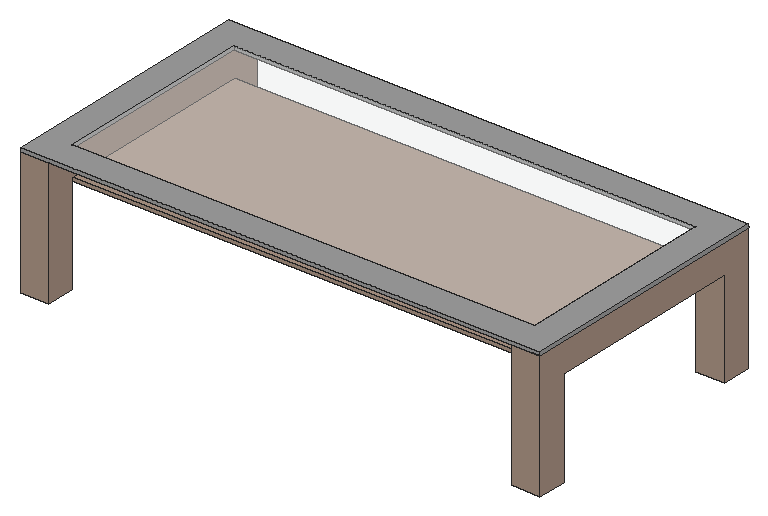
Revit family "Table-Coffee", category Furniture, Revit 2015
Parameters (values of type "36" x 72" x 18"")
  Top Material = Steel, Chrome Plated
  Frame Material = Wood - Teak
  Assembly Code = "E2020200"
  Height = 1' - 6"
  Length = 6' - 0"
  Width = 3' - 0"
Types (4): name | Top Material | Frame Material | Height | Length | Width
  (no name) | Steel, Chrome Plated | Wood - Teak | 1' - 6" | 6' - 0" | 3' - 0"
  24" x 24" x 24" | none | none | 2' - 0" | 2' - 0" | 2' - 0"
  31" x 28" x 24" | none | none | 2' - 4" | 2' - 0" | 2' - 7"
  36" x 72" x 18" | Steel, Chrome Plated | Wood - Teak | 1' - 6" | 6' - 0" | 3' - 0"
Reference planes (in)
  plane 1 "Center (Front/Back)": y = 3.74847
  plane 2: z = 0
  plane 3 "Center (Left/Right)": x = 0.71912
  plane 4 "Front": y = -14.25153
  plane 5 "Left": x = -35.28088
  plane 6 "Right": x = 36.71912
  plane 7 "Back": y = 21.74847
  plane 8 "Top": z = 18
Forms (in)
  Extrusion 1, solid, material "Steel, Chrome Plated" <- "Top Material"
    sketch origin (0, 0, 18) x (-1, 0, 0) y (0, -1, 0)
      loop
        line (35.28088, -21.74847) -> (35.28088, 14.25153) -> (-36.71912, 14.25153) -> (-36.71912, -21.74847) -> (35.28088, -21.74847)
      loop
        line (31.28088, -17.74847) -> (31.28088, 10.25153) -> (-32.71912, 10.25153) -> (-32.71912, -17.74847) -> (31.28088, -17.74847)
    from 0 to -0.5
  Extrusion 2, solid, material "Glass - Clear, Grey"
    sketch origin (0, 0, 18) x (-1, 0, 0) y (0, -1, 0)
      loop
        line (31.28088, -17.74847) -> (31.28088, 10.25153) -> (-32.71912, 10.25153) -> (-32.71912, -17.74847) -> (31.28088, -17.74847)
    from 0 to -0.5
  Extrusion 3, solid, material "Wood - Teak" <- "Frame Material"
    sketch origin (-35.28088, 0, 0) x (0, 0, -1) y (0, -1, 0)
      loop
        line (0, -21.74847) -> (0, -17.74847) -> (-13.5, -17.74847) -> (-13.5, 10.25153) -> (0, 10.25153) -> (0, 14.25153) -> (-17.5, 14.25153) -> (-17.5, -21.74847) -> (0, -21.74847)
    from 0 to -4
  Extrusion 4, solid, material "Wood - Teak" <- "Frame Material"
    sketch origin (36.71912, 0, 0) x (0, 0, -1) y (0, -1, 0)
      loop
        line (0, -17.74847) -> (-13.5, -17.74847) -> (-13.5, 10.25153) -> (0, 10.25153) -> (0, 14.25153) -> (-17.5, 14.25153) -> (-17.5, -21.74847) -> (0, -21.74847) -> (0, -17.74847)
    from 0 to 4
  Extrusion 5, solid, material "Wood - Teak" <- "Frame Material"
    sketch origin (0, 0, 18) x (-1, 0, 0) y (0, -1, 0)
      loop
        line (31.28088, -17.74847) -> (31.28088, 10.25153) -> (-32.71912, 10.25153) -> (-32.71912, -17.74847) -> (31.28088, -17.74847)
    from -4 to -4.5
Lines and regions (in)
  Masking region 1
    outline origin (0, 0, 0) x (1, 0, 0) y (0, 1, 0)
      loop
        line (-35.28088, 21.74847) -> (-35.28088, -14.25153) -> (36.71912, -14.25153) -> (36.71912, 21.74847) -> (-35.28088, 21.74847)
  symbolic lines, style "Furniture"
    curve 1: line (-31.28088, 17.74847, 0) -> (32.71912, 17.74847, 0)
    curve 2: line (-31.28088, -10.25153, 0) -> (-31.28088, 17.74847, 0)
    curve 3: line (32.71912, -10.25153, 0) -> (-31.28088, -10.25153, 0)
    curve 4: line (32.71912, 17.74847, 0) -> (32.71912, -10.25153, 0)
Dimensions and locks (in)
  equal spacing: plane 5 "Left", plane 3 "Center (Left/Right)", plane 6 "Right"
  "Length": plane 5 "Left" to plane 6 "Right"
  equal spacing: plane 4 "Front", plane 1 "Center (Front/Back)", plane 7 "Back"
  "Width": plane 4 "Front" to plane 7 "Back"
  "Height": plane 2 to plane 8 "Top"
  locked: Extrusion 1 sketch curve to plane 7 "Back" at 4
  locked: Extrusion 1 sketch curve to plane 4 "Front" at 4
  locked: Extrusion 3 sketch curve to plane 8 "Top" at 4.5
  locked: Extrusion 4 sketch curve to plane 8 "Top" at 4.5
  aligned and locked: level to plane 2
  aligned and locked: Extrusion 2 sketch curve to Extrusion 1  (x4)
  aligned and locked: Extrusion 1 to Extrusion 5 sketch curve
  aligned and locked: Extrusion 5 sketch curve to Extrusion 2  (x3)
  aligned and locked: plane 6 "Right" to Masking region 1 sketch curve
  aligned and locked: plane 7 "Back" to Masking region 1 sketch curve
  aligned and locked: Masking region 1 sketch curve to plane 5 "Left"
  aligned and locked: Masking region 1 sketch curve to plane 4 "Front"
Automatic sketch dimensions
  Extrusion 1 sketch curve to plane 6 "Right" = 0' - 0"
  Extrusion 1 sketch curve to plane 4 "Front" = 0' - 0"
  Extrusion 1 sketch curve to plane 5 "Left" = 0' - 0"
  Extrusion 1 sketch curve to plane 7 "Back" = 0' - 0"
  plane 6 "Right" to Extrusion 1 sketch curve = 0' - 4"
  Extrusion 1 sketch curve to plane 5 "Left" = 0' - 4"
  Extrusion 3 sketch curve to plane 7 "Back" = 0' - 0"
  Extrusion 3 sketch curve to plane 4 "Front" = 0' - 0"
  Extrusion 3 sketch curve to level = 0' - 0"  (x2)
  plane 8 "Top" to Extrusion 3 sketch curve = 0' - 0 1/2"
  Extrusion 3 sketch curve to Extrusion 3 sketch curve = 0' - 4"  (x2)
  Extrusion 4 sketch curve to plane 4 "Front" = 0' - 0"
  Extrusion 4 sketch curve to plane 7 "Back" = 0' - 0"
  Extrusion 4 sketch curve to level = 0' - 0"  (x2)
  Extrusion 4 sketch curve to plane 4 "Front" = 0' - 4"
  plane 8 "Top" to Extrusion 4 sketch curve = 0' - 0 1/2"
  plane 7 "Back" to Extrusion 4 sketch curve = 0' - 4"
  curve 3 to plane 4 "Front" = 0' - 4"
  plane 6 "Right" to curve 4 = 0' - 4"
  curve 2 to plane 5 "Left" = 0' - 4"
  plane 7 "Back" to curve 2 = 0' - 4"
